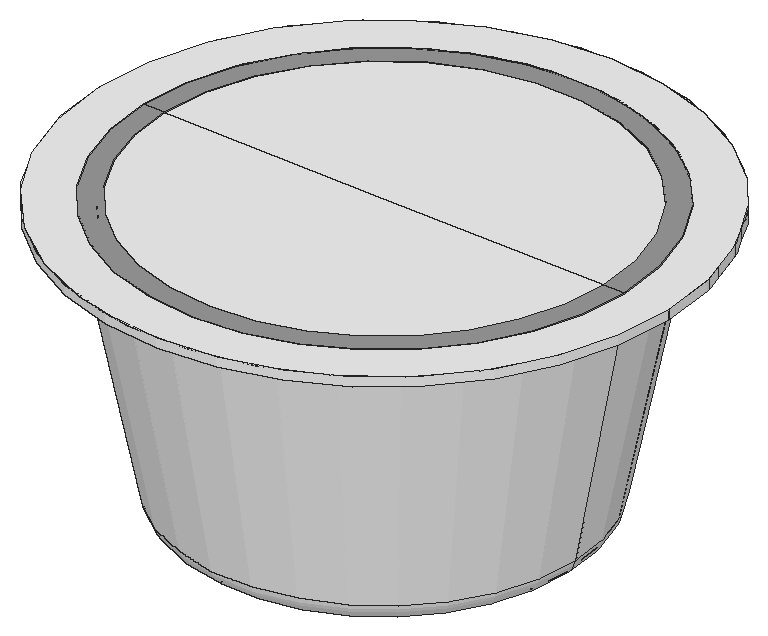
Revit family "2060665", category Lighting Fixtures, host Face, Revit 2018
Family settings
  Host = Face
  Round Connector Dimension = Use Diameter
  Part Type = Normal
  OmniClass Number = 23.80.70.11.17
  OmniClass Title = Specialized Lighting by Location or Use
  Cut with Voids When Loaded = No
  Light Source = Yes
  Shared = No
  Room Calculation Point = No
Parameters (values of type "2060665 ASC100 II ARCH 1775 3K IP65 DALI EMG 160")
  WidthBezelAcc_SYL = 25.0 mm
  Weight = "n/a"
  Wattage = 7 W
  WarrantyStartDate [instance] = "n/a"
  WarrantyGuarantorParts = "n/a"
  WarrantyDurationUnit = "n/a"
  WarrantyDurationParts = ""
  WarrantyDescription = "http://www.sylvania-lighting.com"
  built-in parameter 1150110 = 1 (stored number, unit not read)
  Voltage = 0 V
  VisibilityAccessory_SYL = no
  TypeName = "ASCENT 100 II ARCH 1775 3K IP65 DALI EMG 160"
  built-in parameter 1114217 = 1 (stored number, unit not read)
  Tilt Angle = -90°
  built-in parameter 1150109 = 1 (stored number, unit not read)
  built-in parameter 1150134 = (empty or 0)
  built-in parameter 1150113 = 1 (stored number, unit not read)
  SerialNumber [instance] = "n/a"
  ReflectorRadius_SYL = Radius_SYL - 14.5 mm  # 80.0 mm
  RadiusAcc_SYL = 104.5 mm
  Radius_SYL = 94.5 mm
  URL = "0.95"
  PowerFactor = 0
  PowerConsumption = "Lighting"
  Photometric Web File = "2060665.ies"
  NominalWidth = 0.0 mm
  NominalLength = 209.0 mm
  NominalHeight = 94.0 mm
  Name = "ASCENT 100 II ARCH 1775 3K IP65 DALI EMG 160"
  ModelReference = "ASCENT 100 II ARCH 1775 3K IP65 DALI EMG 160"
  ModelNumber = "2060665"
  Material_4_SYL = none
  Material_3_SYL = Polycarbonate_Sylvania_Ascent_Opal
  Material_2_SYL = Aluminium_Sylvania_Ascent_Silver
  Material_1_SYL = Aluminum_Sylvania_Ascent_White
  Material = "Feilo Sylvania"
  ManufacturerName = "93 lm/W"
  LuminousEfficacy = ""
  built-in parameter 1150105 = 76.872 (stored number, unit not read)
  Lumens = 966 lm
  LuminaireType = "0"
  built-in parameter 1150115 = 1 (stored number, unit not read)
  LightOutputRatio = "LED"
  built-in parameter 1150137 = (empty or 0)
  built-in parameter 1150139 = (empty or 0)
  LampsType = Lamp  # "n/a"
  LampNominalLuminous = "3000 K"
  LampMacAdamStep = "80"
  LampColourTemperature = "LED"
  LampColourRenderingIndex = "16500"
  built-in parameter 1150112 = 1 (stored number, unit not read)
  built-in parameter 1150114 = 1 (stored number, unit not read)
  Keynote = "n/a"
  InstallationDate [instance] = "n/a"
  InputVoltage = "0"
  InputNominalFrequency = "3000"
  built-in parameter 1150132 = (empty or 0)
  built-in parameter 1150102 = (empty or 0)
  built-in parameter 1150107 = 3000 (stored number, unit not read)
  built-in parameter 1150138 = (empty or 0)
  IngressProtection = "IfcLightFixtureType"
  ImpactProtectionIndex = "IfcLightFixtureType"
  built-in parameter 1150106 = 0.76872 (stored number, unit not read)
  IfcExportType = "IfcLightFixtureType"
  IfcExportAs = "Class II"
  HeightAcc_SYL = 7.0 mm
  Height = 96.0 mm
  ExpectedLife = 50000
  EmittionSurface_SYL = if(VisibilityAccessory_SYL, 7.0 mm, 3.0 mm)  # 3.0 mm
  Emit from Circle Diameter = DiffuserRadius_SYL * 2  # 146.0 mm
  Emit Shape Visible in Rendering = no
  ElectricShockClassification = "93"
  built-in parameter 1150104 = 12.821 (stored number, unit not read)
  DurationUnit = "hours"
  DocumentationLiterature = "http://www.sylvania-lighting.com/product/en-int/products/2060665"
  DimmingControlOptions = "n/a"
  Dimming Lamp Color Temperature Shift = <None>
  DiffuserRadius_SYL = ReflectorRadius_SYL - 7.0 mm  # 73.0 mm
  Diameter_SYL = 2 * Radius_SYL  # 189.0 mm
  CutoutDiameter_SYL = Diameter_SYL - 13.0 mm  # 176.0 mm
  CreatedOn = "08/06/2021"
  CreatedBy = "@sylvania-lighting.com"
  Color Filter = 16777215
  built-in parameter 1114216 [instance] = 1 (stored number, unit not read)
  Model = "ASCENT 100 II ARCH 1775 3K IP65 DALI EMG 160"
  Manufacturer = ""
  Lamp = "n/a"
  Description = "Direct LED retro fit for original LED 100 Arch (160) single CFL lamp offering Matching lumen levels and improved light distribution of original LED 100 CFL lamp equivalents Typically half the power consumption compared to CFL Up to 112lm/W 160mm aperture Architectural reflector accepts range of glass accessories from existing LED 100 Arch 160 offering HE, HO and VHO versions equivalent of single 1 x 18W, 1 x 32W, 1 x 42W\r\n Additional VVHO versions which offer the performance circa 2 x 32W equivalent"  # constant formula
  Default Elevation = 0.0 mm
  built-in parameter 1140040 [instance] = 1
  BarCode [instance] = "n/a"
  built-in parameter 1114218 = 1 (stored number, unit not read)
  built-in parameter 1150133 = 10 (stored number, unit not read)
  AssetType = "Fixed"
  AssetIdentifier [instance] = "n/a"
  Assembly Code = "D5020200"
  Apparent Load = 19 VA
  Aperture_SYL = 2 * ReflectorRadius_SYL  # 160.0 mm
Reference planes
  plane 1 "Center (Front/Back)": y = 0
  plane 2: z = 0
  plane 3 "Center (Left/Right)": x = 0
  plane 4 "Fixture Bottom": z = 3
  plane 5: z = -52.5
  plane 6 "Fixture Top": z = -89
  plane 7: x = -104.5
  plane 8: z = 7
  plane 9: x = -79.5
  plane 10: z = 5
  plane 11: x = -102.5
Forms (mm)
  Extrusion 1, solid, material "Aluminum_Sylvania_Ascent_White", detail levels fine
    sketch origin (0, 0, 0) x (1, 0, 0) y (0, 1, 0)
      loop
        circle (0, 0) r 94.5
      loop
        circle (0, 0) r 80
    from 0 to 3
  Extrusion 2, void
    sketch origin (0, 0, 0) x (1, 0, 0) y (0, 1, 0)
      loop
        circle (0, 0) r 88
    from -89 to 3
  Revolve 3, solid, material "Aluminum_Sylvania_Ascent_White" <- "Material_1_SYL", detail levels fine
    sketch origin (0, 0, 0) x (1, 0, 0) y (0, 0, 1)
      loop
        line (0, -89.073) -> (0, -87.023) -> (-55.468, -87.014)
        arc (-55.468, -87.014) -> (-59.352, -85.613) -> (-61.54, -82.139) r 6.307
        line (-61.54, -82.139) -> (-77.991, -2.838) -> (-77.991, 0) -> (-80, 0) -> (-80, -3) -> (-63.5, -82.536)
        arc (-63.5, -82.536) -> (-60.643, -87.203) -> (-55.5, -89.073) r 8.291
        line (-55.5, -89.073) -> (0, -89.073)
      axis (0, 0) -> (0, -89.073)
    angle from 0 to 360
  Revolve 4, solid, material "Aluminium_Sylvania_Ascent_Silver" <- "Material_2_SYL", detail levels fine
    sketch origin (0, 0, 0) x (1, 0, 0) y (0, 0, 1)
      loop
        line (-80, 3) -> (-80, 0) -> (-75, 0)
        arc (-75, 0) -> (-72.349, -26.77) -> (-64.5, -52.5) r 136.5
        line (-64.5, -52.5) -> (-58, -52.5)
        arc (-58, -52.5) -> (-56.857, -61.521) -> (-53.5, -69.971) r 36.166
        line (-53.5, -69.971) -> (0, -69.971) -> (0, -50.5) -> (-63.16, -50.5)
        arc (-63.16, -50.5) -> (-70.517, -25.725) -> (-73, 0) r 134.5
        line (-73, 0) -> (-73, 3) -> (-80, 3)
      axis (0, 3) -> (0, -69.971)
    angle from 0 to 360
  Revolve 5, solid, material "Aluminum_Sylvania_Ascent_White" <- "Material_1_SYL", detail levels medium+fine
    sketch origin (0, 0, 0) x (1, 0, 0) y (0, 0, 1)
      loop
        line (0, -89.073) -> (0, 3) -> (-94.5, 3) -> (-94.5, 0) -> (-79.5, 0) -> (-79.5, -3) -> (-63, -82.536)
        arc (-63, -82.536) -> (-60.143, -87.203) -> (-55, -89.073) r 8.291
        line (-55, -89.073) -> (0, -89.073)
      axis (0, 3) -> (0, -89.073)
    angle from 0 to 360
  Revolve 6, solid, material "Aluminum_Sylvania_Ascent_White" <- "Material_1_SYL", visible <- "VisibilityAccessory_SYL", detail levels medium+fine
    sketch origin (0, 0, 0) x (1, 0, 0) y (0, 0, 1)
      loop
        line (-104.5, 0) -> (-102.5, 0) -> (-102.5, 5) -> (-79.5, 5) -> (-79.5, 7) -> (-104.5, 7) -> (-104.5, 0)
      axis (0, 7) -> (0, 0)
    angle from 0 to 360
  Extrusion 7, solid, detail levels coarse
    sketch origin (0, 0, 0) x (1, 0, 0) y (0, 0, 1)
      loop
        line (104.421, 7) -> (-104.5, 7) -> (-104.5, -89) -> (104.421, -89) -> (104.421, 7)
    from -104.368 to 104.563
Lines and regions (mm)
  reference lines
    curve 1: line (-149.5, 0, 3) -> (125, 0, 3)
Dimensions and locks
  locked: plane 4 "Fixture Bottom" to plane 2 at 3
  "ReflectorRadius_SYL": plane 3 "Center (Left/Right)" to Revolve 4 sketch curve
  locked: Revolve 4 sketch curve to Revolve 4 sketch curve at 15.5
  locked: Revolve 4 sketch curve to Revolve 4 sketch curve at 5
  locked: Revolve 4 sketch curve to Revolve 4 sketch curve at 7
  locked: Revolve 4 sketch curve to Revolve 4 sketch curve at 22
  locked: Revolve 4 sketch curve to Revolve 4 sketch curve at 26.5
  locked: Revolve 3 sketch curve to Revolve 3 sketch curve at 16.5
  locked: Revolve 3 sketch curve to Revolve 3 sketch curve at 24.5
  "ReflectorRadius_SYL": Revolve 3 sketch curve to plane 3 "Center (Left/Right)"
  locked: Revolve 3 sketch curve to plane 6 "Fixture Top" at 6.464
  locked: plane 2 to Revolve 3 sketch curve at 3
  locked: Revolve 3 sketch curve to Revolve 3 sketch curve at 2
  locked: Revolve 3 sketch curve to Revolve 3 sketch curve at 2.009
  locked: plane 2 to plane 5 at 52.5
  locked: Revolve 5 sketch curve to Revolve 5 sketch curve at 31.5
  locked: Revolve 5 sketch curve to Revolve 5 sketch curve at 39.5
  locked: Revolve 5 sketch curve to Revolve 5 sketch curve at 15
  "Radius_SYL": plane 3 "Center (Left/Right)" to Revolve 5 sketch curve
  "RadiusAcc_SYL": plane 3 "Center (Left/Right)" to plane 7
  "HeightAcc_SYL": plane 8 to level
  locked: plane 7 to plane 11 at 2
  locked: plane 8 to plane 10 at 2
  "Height": plane 6 "Fixture Top" to plane 8
  "CutoutDiameter_SYL": diameter of Extrusion 2 sketch curve
  "ReflectorRadius_SYL": radius of Extrusion 1 sketch curve
  "Radius_SYL": radius of Extrusion 1 sketch curve
  aligned and locked: host face to plane 2
  aligned and locked: host face to level
  aligned and locked: plane 4 "Fixture Bottom" to Extrusion 1
  aligned and locked: Extrusion 1 to plane 2
  aligned and locked: Revolve 3 sketch curve to plane 3 "Center (Left/Right)"
  aligned and locked: Revolve 4 sketch curve to plane 3 "Center (Left/Right)"  (x2)
  aligned and locked: plane 4 "Fixture Bottom" to Revolve 4 sketch curve
  aligned and locked: plane 2 to Revolve 3 sketch curve  (x2)
  aligned and locked: Revolve 5 sketch curve to plane 3 "Center (Left/Right)"
  aligned and locked: plane 6 "Fixture Top" to Extrusion 2
  aligned and locked: Revolve 6 sketch curve to plane 3 "Center (Left/Right)"
  aligned and locked: host face to Revolve 6 sketch curve  (x2)
  aligned and locked: Revolve 6 sketch curve to plane 7
  aligned and locked: plane 8 to Revolve 6 sketch curve
  aligned and locked: plane 9 to Revolve 6 sketch curve
  aligned and locked: Revolve 6 sketch curve to plane 10
  aligned and locked: plane 11 to Revolve 6 sketch curve
  aligned and locked: plane 3 "Center (Left/Right)" to imposter light
  aligned and locked: imposter light to plane 1 "Center (Front/Back)"
  aligned and locked: imposter light to curve 1
Automatic sketch dimensions
  plane 1 "Center (Front/Back)" to Extrusion 2 sketch curve = 0.0 mm
  Extrusion 2 sketch curve to plane 3 "Center (Left/Right)" = 0.0 mm
  Extrusion 1 sketch curve to Extrusion 1 sketch curve = 0.0 mm  (x2)
  plane 1 "Center (Front/Back)" to Extrusion 1 sketch curve = 0.0 mm
  Extrusion 1 sketch curve to plane 3 "Center (Left/Right)" = 0.0 mm
  plane 6 "Fixture Top" to Revolve 3 sketch curve = 0.073 mm
  Revolve 3 sketch curve to plane 6 "Fixture Top" = 6.861 mm
  Revolve 3 sketch curve to Revolve 3 sketch curve = 0.003 mm
  Revolve 3 sketch curve to Revolve 3 sketch curve = 0.009 mm  (x2)
  Revolve 3 sketch curve to Revolve 3 sketch curve = 0.023 mm
  Revolve 3 sketch curve to Revolve 3 sketch curve = 0.072 mm
  Revolve 3 sketch curve to Revolve 3 sketch curve = 0.008 mm
  Revolve 3 sketch curve to plane 6 "Fixture Top" = 1.977 mm
  Revolve 3 sketch curve to Revolve 3 sketch curve = 33.496 mm
  Revolve 3 sketch curve to Revolve 3 sketch curve = 0.028 mm
  plane 4 "Fixture Bottom" to Revolve 3 sketch curve = 82.431 mm
  Revolve 4 sketch curve to Revolve 4 sketch curve = 0.0 mm  (x2)
  Revolve 4 sketch curve to plane 5 = 0.0 mm
  Revolve 4 sketch curve to level = 0.0 mm
  plane 5 to Revolve 4 sketch curve = 2.0 mm
  plane 4 "Fixture Bottom" to Revolve 4 sketch curve = 9.642 mm
  Revolve 4 sketch curve to level = 69.971 mm
  Revolve 4 sketch curve to Revolve 4 sketch curve = 2.387 mm
  Revolve 5 sketch curve to level = 0.0 mm
  Revolve 5 sketch curve to plane 3 "Center (Left/Right)" = 0.0 mm
  Revolve 5 sketch curve to Revolve 5 sketch curve = 8.104 mm
  Revolve 5 sketch curve to level = 3.0 mm
  Revolve 5 sketch curve to plane 6 "Fixture Top" = 6.464 mm
  plane 6 "Fixture Top" to Revolve 5 sketch curve = 0.073 mm
  Revolve 5 sketch curve to Revolve 5 sketch curve = 33.496 mm
  plane 4 "Fixture Bottom" to Revolve 5 sketch curve = 82.431 mm
  host sketch curve to host sketch curve = 1704.996 mm
  host sketch curve to host sketch curve = 1500.0 mm
  plane 6 "Fixture Top" to Revolve 6 sketch curve = 281.274 mm
  Revolve 6 sketch curve to plane 8 = 1140.706 mm
  Revolve 3 sketch curve to plane 3 "Center (Left/Right)" = 0.0 mm
  Revolve 5 sketch curve to plane 4 "Fixture Bottom" = 0.0 mm
  plane 7 to curve 1 = 45.0 mm
  plane 3 "Center (Left/Right)" to curve 1 = 125.0 mm
  curve 1 to plane 4 "Fixture Bottom" = 0.0 mm
  plane 7 to Extrusion 7 sketch curve = 0.0 mm
  Extrusion 7 sketch curve to plane 6 "Fixture Top" = 0.0 mm
  Extrusion 7 sketch curve to plane 8 = 0.0 mm
  plane 3 "Center (Left/Right)" to Extrusion 7 sketch curve = 104.421 mm
Connectors
  electrical at (0, 0, -89.073), driven by "Apparent Load"
    settings: on Revolve 3, index 1, voltage 240 V, apparent load 0 VA, apparent load phase1 19 VA, apparent load phase2 0 VA, apparent load phase3 0 VA, power factor 1, load classification "Lighting", number of poles 1, system type 31, power factor state 1, is connector primary yes, connector utility no, sub classification motor no, connector description ""
